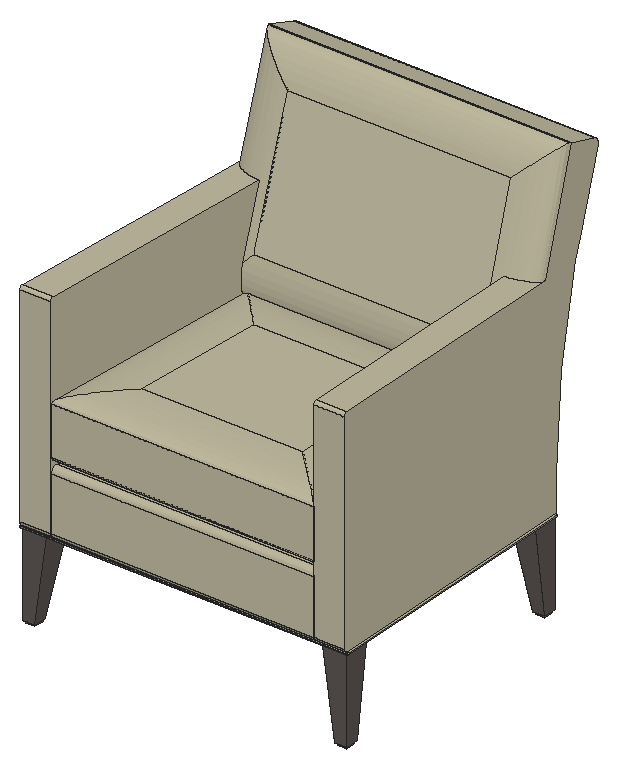
Revit family
Parameters
  URL = "http://www.martinbrattrud.com"
  SCS Certified Product = "Yes"
  Model = "Blackburn 760-01"
  Manufacturer = "Martin Brattrud, Inc."
  Leg [instance] = none
  Keynote = "125000"
  Foot [instance] = none
  Copyright = "© 2013 Martin Brattrud, Inc."
  Chair [instance] = none
  Authoring Version = "Revit Architecture 2010"
  Assembly Code = "E2020200"
Reference planes (in)
  plane 1 "Center Front/Back": y = 0
  plane 2: z = 0
  plane 3 "Center Left/Right": x = 0
Forms (in)
  Extrusion 1, solid, material <- "Chair"
    sketch origin (0, 0, 0) x (0, 1, 0) y (0, 0, 1)
      loop
        line (5.8028, 7.1875) -> (5.8028, 11.7852) -> (-8.26412, 11.7852)
        arc (-8.26412, 11.7852) -> (-10.46851, 11.92837) -> (-12.63586, 12.35546) r 17.04267
        arc (-12.63586, 12.35546) -> (-13.06897, 12.2685) -> (-13.26412, 11.87219) r 0.5
        line (-13.26412, 11.87219) -> (-13.26412, 7.4375)
        arc (-13.26412, 7.4375) -> (-13.1909, 7.26072) -> (-13.01412, 7.1875) r 0.25
        line (-13.01412, 7.1875) -> (5.8028, 7.1875)
    from -11.25 to 11.25
  Extrusion 2, solid, material <- "Chair"
    sketch origin (0, 0, 0) x (0, 1, 0) y (0, 0, 1)
      loop
        arc (-13.01412, 24.6875) -> (-13.1909, 24.61428) -> (-13.26412, 24.4375) r 0.25
        line (-13.26412, 24.4375) -> (-13.26412, 7.4375)
        arc (-13.26412, 7.4375) -> (-13.1909, 7.26072) -> (-13.01412, 7.1875) r 0.25
        line (-13.01412, 7.1875) -> (9.17334, 7.1875)
        arc (9.17334, 7.1875) -> (9.26173, 7.22411) -> (9.29834, 7.3125) r 0.125
        line (9.29834, 7.3125) -> (9.29834, 10.052)
        arc (9.29834, 10.052) -> (9.82389, 17.4441) -> (11.38995, 24.6875) r 52.25
        line (11.38995, 24.6875) -> (-13.01412, 24.6875)
    from 9.50969 to 14
  Extrusion 3, void
    sketch origin (0, 0, 0) x (1, 0, 0) y (0, 1, 0)
      loop
        line (-14, 11.5528) -> (-14, -13.26412) -> (-10.74576, -13.26412) -> (-9.83905, 11.5528) -> (-14, 11.5528)
      loop
        line (14, 11.50722) -> (9.84072, 11.50722) -> (10.74576, -13.26412) -> (14, -13.26412) -> (14, 11.50722)
    from 6.00105 to 24.6875
  Extrusion 4, void
    sketch origin (0, 0, 0) x (1, 0, 0) y (0, 1, 0)
      loop
        line (-9.75485, 13.85742) -> (-10.74576, -13.26412) -> (-9.50969, -13.26412) -> (-9.50969, 13.85742) -> (-9.75485, 13.85742)
      loop
        line (9.75485, 13.85742) -> (9.50969, 13.85742) -> (9.50969, -13.26412) -> (10.74576, -13.26412) -> (9.75485, 13.85742)
    from 5.12224 to 25.20138
  Extrusion 5, solid, material <- "Chair"
    sketch origin (0, 0, 0) x (0, 1, 0) y (0, 0, -1)
      loop
        line (-13.01412, -24.6875) -> (11.38995, -24.6875)
        arc (11.38995, -24.6875) -> (9.82389, -17.4441) -> (9.29834, -10.052) r 52.25
        line (9.29834, -10.052) -> (9.29834, -7.3125)
        arc (9.29834, -7.3125) -> (9.26173, -7.22411) -> (9.17334, -7.1875) r 0.125
        line (9.17334, -7.1875) -> (-13.01412, -7.1875)
        arc (-13.01412, -7.1875) -> (-13.1909, -7.26072) -> (-13.26412, -7.4375) r 0.25
        line (-13.26412, -7.4375) -> (-13.26412, -24.4375)
        arc (-13.26412, -24.4375) -> (-13.1909, -24.61428) -> (-13.01412, -24.6875) r 0.25
    from 9.50969 to 14
  Sweep 6, solid, material <- "Chair"
    path in 3D
      loop
        line (-12.34624, 11.02127, 33.50876) -> (-12.53952, 5.8028, 16.6053) -> (12.53952, 5.8028, 16.6053) -> (12.34624, 11.02127, 33.50876) -> (-12.34624, 11.02127, 33.50876)
    profile origin (0, 11.02127, 33.50876) x (0, -0.294985, -0.955502) y (0, -0.955502, 0.294985)
      loop
        line (0.03125, 0) -> (3.28125, 0) -> (3.28125, 1.25)
        spline (3.28125, 1.25) -> (2.85704, 1.23931) -> (2.44009, 1.20741) -> (2.03753, 1.15485) -> (1.65625, 1.08253) -> (1.30278, 0.99169) -> (0.98315, 0.88388) -> (0.70285, 0.76095) -> (0.46667, 0.625) -> (0.27864, 0.47835) -> (0.14199, 0.32352) -> (0.05905, 0.16316) -> (0.03125, 0)
  Sweep 7, solid, material <- "Chair"
    path origin (0, 0, 0) x (1, 0, 0) y (0, 1, 0)
      loop
        line (-12.41468, 9.17335) -> (-13.23644, -13.01415) -> (13.23644, -13.01415) -> (12.41468, 9.17335) -> (-12.41468, 9.17335)
    profile origin (0, 9.17335, 0) x (0, 1, 0) y (0, 0, 1)
      loop
        circle (0, 7.06463) r 0.125
  SweptBlend 8, solid, material <- "Leg"
    path in 3D
      loop
        line (12.4146, 9.17563, 6.9375) -> (12.4146, 9.17563, 0.1875)
    profile origin (12.4146, 9.17563, 6.9375) x (0, 1, 0) y (-1, 0, 0)
      loop
        line (0, 0) -> (0, 2.00137) -> (-2, 1.9273) -> (-2, -0.07407) -> (0, 0)
    end profile origin (12.4146, 9.17563, 0.1875) x (0, 1, 0) y (-1, 0, 0)
      loop
        line (0, 0) -> (0, 1.00069) -> (-1, 0.96365) -> (-1, -0.03704) -> (0, 0)
  SweptBlend 9, solid, material <- "Leg"
    path in 3D
      loop
        line (-12.4146, 9.17563, 6.9375) -> (-12.4146, 9.17563, 0.1875)
    profile origin (-12.4146, 9.17563, 6.9375) x (0, 1, 0) y (-1, 0, 0)
      loop
        line (0, 0) -> (-2, 0.07407) -> (-2, -1.9273) -> (0, -2.00137) -> (0, 0)
    end profile origin (-12.4146, 9.17563, 0.1875) x (0, 1, 0) y (-1, 0, 0)
      loop
        line (0, 0) -> (-1, 0.03704) -> (-1, -0.96365) -> (0, -1.00069) -> (0, 0)
  SweptBlend 10, solid, material <- "Leg"
    path in 3D
      loop
        line (13.22335, -12.76046, 6.9375) -> (13.22335, -12.76046, 0.1875)
    profile origin (13.22335, -12.76046, 6.9375) x (0, 1, 0) y (-1, 0, 0)
      loop
        line (1.75017, 0.06482) -> (1.75017, 2.06619) -> (-0.24983, 1.99212) -> (-0.24983, -0.00925) -> (1.75017, 0.06482)
    end profile origin (13.22335, -12.76046, 0.1875) x (0, 1, 0) y (-1, 0, 0)
      loop
        line (0.74634, 0.02394) -> (0.74634, 1.02463) -> (-0.25366, 0.98759) -> (-0.24985, -0.00928) -> (0.74634, 0.02394)
  SweptBlend 11, solid, material <- "Leg"
    path in 3D
      loop
        line (-13.22335, -12.76046, 6.9375) -> (-13.22335, -12.76046, 0.1875)
    profile origin (-13.22335, -12.76046, 6.9375) x (0, 1, 0) y (-1, 0, 0)
      loop
        line (1.75017, -0.06482) -> (-0.24983, 0.00925) -> (-0.24983, -1.99212) -> (1.75017, -2.06619) -> (1.75017, -0.06482)
    end profile origin (-13.22335, -12.76046, 0.1875) x (0, 1, 0) y (-1, 0, 0)
      loop
        line (0.74634, -0.02394) -> (-0.24985, 0.00928) -> (-0.25366, -0.98759) -> (0.74634, -1.02463) -> (0.74634, -0.02394)
  Extrusion 12, solid, material <- "Foot"
    sketch origin (-0.78657, -21.182, 0) x (-1, 0, 0) y (0, -1, 0)
      loop
        line (12.29414, -9.05063) -> (12.32192, -8.30063) -> (11.57141, -8.30063) -> (11.54363, -9.05063) -> (12.29414, -9.05063)
      loop
        line (11.50757, -30.23263) -> (11.53535, -29.48263) -> (10.78484, -29.48263) -> (10.75706, -30.23263) -> (11.50757, -30.23263)
      loop
        line (-12.3302, -30.23263) -> (-12.35797, -29.48263) -> (-13.10849, -29.48263) -> (-13.08071, -30.23263) -> (-12.3302, -30.23263)
      loop
        line (-13.11676, -9.05063) -> (-13.14454, -8.30063) -> (-13.89506, -8.30063) -> (-13.86728, -9.05063) -> (-13.11676, -9.05063)
    from 0 to 0.1875
  Sweep 13, solid, material <- "Chair"
    path in 3D
      loop
        line (-9.10064, 8.85898, 30.74225) -> (-9.10064, 10.05335, 30.37352)
    profile origin (-9.10064, 9.45617, 30.55788) x (1, 0, 0) y (0, -0.294985, -0.955502)
      loop
        line (18.20129, 0) -> (18.32287, 11.12816) -> (-0.12158, 11.12816) -> (0, 0) -> (18.20129, 0)
  Extrusion 14, solid, material <- "Chair"
    sketch origin (0, 0, 0) x (0, 1, 0) y (0, 0, 1)
      loop
        arc (9.17334, 7.1875) -> (9.26173, 7.22411) -> (9.29834, 7.3125) r 0.125
        line (9.29834, 7.3125) -> (9.29834, 10.052)
        arc (9.29834, 10.052) -> (9.94163, 18.2257) -> (11.85564, 26.19814) r 52.25
        line (11.85564, 26.19814) -> (13.78159, 32.1256)
        arc (13.78159, 32.1256) -> (13.74988, 32.51038) -> (13.45355, 32.75786) r 0.5
        line (13.45355, 32.75786) -> (11.02127, 33.50876) -> (5.8028, 16.6053) -> (5.8028, 7.1875) -> (9.17334, 7.1875)
    from -14 to 14
  Extrusion 15, void
    sketch origin (0, 0, 0) x (1, 0, 0) y (0, 1, 0)
      loop
        line (-13.2457, -13.26412) -> (-12.2415, 13.84925) -> (-14, 13.84925) -> (-14, -13.26412) -> (-13.2457, -13.26412)
      loop
        line (13.2457, -13.26412) -> (14, -13.26412) -> (14, 13.84925) -> (12.2415, 13.84925) -> (13.2457, -13.26412)
    from 5.37178 to 33.5625
  Extrusion 16, solid, material <- "Chair"
    sketch origin (0, 0, 0) x (1, 0, 0) y (0, 1, 0)
      loop
        line (-10.04913, 5.8028) -> (-10.74576, -13.26412) -> (10.74576, -13.26412) -> (10.04913, 5.8028) -> (-10.04913, 5.8028)
    from 13 to 17
  Sweep 17, solid, material <- "Chair"
    path in 3D
      loop
        line (10.74576, -13.26412, 17) -> (10.04913, 5.8028, 17) -> (-10.04913, 5.8028, 17) -> (-10.74576, -13.26412, 17) -> (10.74576, -13.26412, 17)
    profile origin (0, -13.26412, 17) x (0, 1, 0) y (0, 0, 1)
      loop
        line (0.03125, 0) -> (4.03125, 0) -> (4.03125, 0.75)
        spline (4.03125, 0.75) -> (3.50915, 0.74358) -> (2.99597, 0.72444) -> (2.50052, 0.69291) -> (2.03125, 0.64952) -> (1.5962, 0.59502) -> (1.20282, 0.53033) -> (0.85784, 0.45657) -> (0.56715, 0.375) -> (0.33573, 0.28701) -> (0.16755, 0.19411) -> (0.06547, 0.09789) -> (0.03125, 0)
      loop
        spline (0.03125, -4) -> (0.06547, -4.09789) -> (0.16755, -4.19411) -> (0.33573, -4.28701) -> (0.56715, -4.375) -> (0.85784, -4.45657) -> (1.20282, -4.53033) -> (1.5962, -4.59502) -> (2.03125, -4.64952) -> (2.50052, -4.69291) -> (2.99597, -4.72444) -> (3.50915, -4.74358) -> (4.03125, -4.75)
        line (4.03125, -4.75) -> (4.03125, -4) -> (0.03125, -4)
  Extrusion 18, solid, material <- "Chair"
    sketch origin (0, 0, 0) x (1, 0, 0) y (0, 1, 0)
      loop
        line (-6.56453, -9.23287) -> (6.56453, -9.23287) -> (6.16248, 1.77155) -> (-6.16248, 1.77155) -> (-6.56453, -9.23287)
    from 17 to 17.75
  Extrusion 19, solid, material <- "Chair"
    sketch origin (0, 0, 0) x (1, 0, 0) y (0, 1, 0)
      loop
        line (-6.56453, -9.23287) -> (6.56453, -9.23287) -> (6.16248, 1.77155) -> (-6.16248, 1.77155) -> (-6.56453, -9.23287)
    from 12.25 to 13
Cuts and joins
  Extrusion 3 cuts Sweep 6
  Extrusion 15 cuts Sweep 13
  joined: Sweep 6, Sweep 13
  Extrusion 15 cuts SweptBlend 8
  Extrusion 15 cuts SweptBlend 9
  Extrusion 15 cuts Extrusion 12
  Extrusion 4, Extrusion 15 cuts Extrusion 2
  Extrusion 4, Extrusion 15 cuts Extrusion 5
  Extrusion 15 cuts Extrusion 14
  joined: Extrusion 2, Extrusion 5, Extrusion 14
  Extrusion 3 cuts Extrusion 1
  joined: Sweep 17, Extrusion 18, Extrusion 19
Lines and regions (in)
  sketch lines
    curve 1: line (12.34624, 11.02127, 33.50876) -> (-12.34624, 11.02127, 33.50876)
    curve 2: line (12.53952, 5.8028, 16.6053) -> (12.34624, 11.02127, 33.50876)
    curve 3: line (-12.34624, 11.02127, 33.50876) -> (-12.53952, 5.8028, 16.6053)
    curve 4: line (12.53952, 5.8028, 16.6053) -> (-12.53952, 5.8028, 16.6053)
    curve 5: line (12.4146, 9.17563, 6.9375) -> (12.4146, 9.17563, 0.1875)
    curve 6: line (-12.4146, 9.17563, 6.9375) -> (-12.4146, 9.17563, 0.1875)
    curve 7: line (13.22335, -12.76046, 6.9375) -> (13.22335, -12.76046, 0.1875)
    curve 8: line (-13.22335, -12.76046, 6.9375) -> (-13.22335, -12.76046, 0.1875)
    curve 9: line (-9.10064, 8.85898, 30.74225) -> (-9.10064, 10.05335, 30.37352)
    curve 10: line (-10.74576, -13.26412, 17) -> (10.74576, -13.26412, 17)
    curve 11: line (-10.04913, 5.8028, 17) -> (-10.74576, -13.26412, 17)
    curve 12: line (10.04913, 5.8028, 17) -> (-10.04913, 5.8028, 17)
    curve 13: line (10.74576, -13.26412, 17) -> (10.04913, 5.8028, 17)
  model lines
    curve 14: line (12.44711, 8.29795, 24.6875) -> (12.33259, 11.38995, 24.6875)
    curve 15: line (-12.44711, 8.29795, 24.6875) -> (-12.33259, 11.38995, 24.6875)
